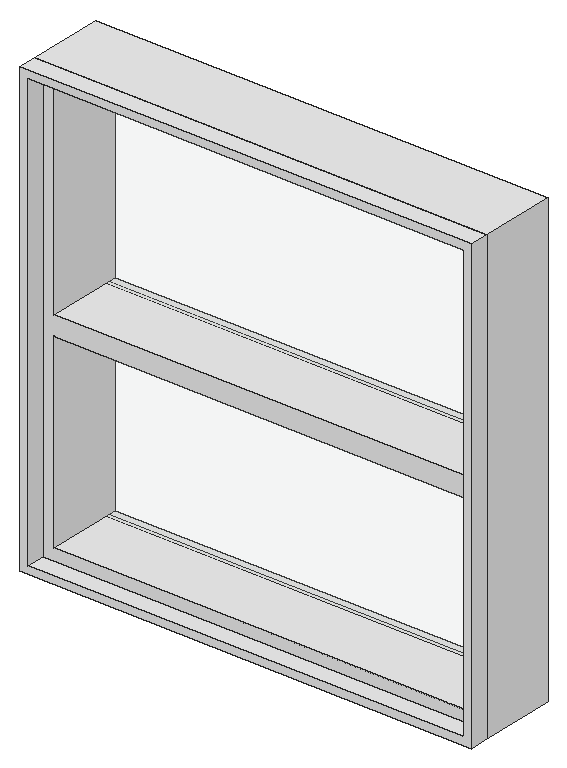
Revit family "Double Horizontal", category Windows, host Wall, Revit 2015
Parameters (values of type "12x12M")
  WindowBasalOpening = ""
  Wall Thickness [instance] = 300 mm
  URL = ""
  Total Glass Area = (Rough Height - Frame Width * 2) * (Rough Width - Frame Width * 2)  # 1.1881 m²
  Offset [instance] = 50 mm
  Module Width = Rough Width / 100 mm  # 12
  Module Height = Rough Height / 100 mm  # 12
  Material Jamb = none
  Jamb Width = 20 mm
  Jamb [instance] = yes
  Height Bottom = 600 mm
  Gap [instance] = 10 mm
  Rough Width = 1190 mm
  Rough Height = 1190 mm
  Model = ""
  Material Glass = none
  Material Frame = none
  Frame Width = 50 mm
  Height [instance] = Rough Height + Gap * 2  # 1210 mm
  Frame Depth = 200 mm
  Field 2 [instance] = Fixed : Fixed
  Field 1 [instance] = Fixed : Fixed
  Default Sill Height = 900 mm
  Wall Closure = By host
  Width [instance] = Rough Width + Gap * 2  # 1210 mm
  Assembly Code = ""
  Analytic Construction = "<None>"
Reference planes
  plane 1 "Center (Front/Back)": y = -20
  plane 2 "Center (Left/Right)": x = -42.398
  plane 3 "Left": x = -647.398
  plane 4 "Right": x = 562.602
  plane 5 "Sill": z = 900
  plane 6 "Head": z = 2110
  plane 7 "Exterior": y = 130
  plane 8 "Interior": y = -170
  plane 9: x = -637.398
  plane 10: x = 552.602
  plane 11: z = 910
  plane 12: z = 2100
  plane 13 "Offset": y = 80
  plane 14 "Offset Jamb": y = -120
  plane 15: x = 502.602
  plane 16: x = -587.398
  plane 17: z = 2050
  plane 18: z = 960
  plane 19: x = -647.398
  plane 20: x = 562.602
  plane 21: z = 900
  plane 22: z = 2110
  plane 23: z = 1510
  plane 24: z = 1460
Forms (mm)
  Extrusion 1, solid, material <- "Material Frame"
    sketch origin (0, 80, 0) x (-1, 0, 0) y (0, 0, 1)
      loop
        line (-552.602, 2100) -> (-552.602, 910) -> (637.398, 910) -> (637.398, 2100) -> (-552.602, 2100)
      loop
        line (-502.602, 960) -> (587.398, 960) -> (587.398, 1460) -> (-502.602, 1460) -> (-502.602, 960)
      loop
        line (-502.602, 2050) -> (-502.602, 1510) -> (587.398, 1510) -> (587.398, 2050) -> (-502.602, 2050)
    from 0 to -200
  Extrusion 2, solid, material <- "Material Jamb", visible <- "Jamb", detail levels medium+fine
    sketch origin (0, -120, 0) x (-1, 0, 0) y (0, 0, 1)
      loop
        line (-552.602, 2100) -> (-552.602, 910) -> (637.398, 910) -> (637.398, 2100) -> (-552.602, 2100)
      loop
        line (617.398, 2080) -> (-532.602, 2080) -> (-532.602, 930) -> (617.398, 930) -> (617.398, 2080)
    from 0 to -50
Lines and regions (mm)
  Opening 1
    outline origin (3500, -170, 0) x (1, 0, 0) y (0, 0, 1)
      loop
        line (-2937.398, 900) -> (-2937.398, 2110) -> (-4147.398, 2110) -> (-4147.398, 900) -> (-2937.398, 900)
Text (mm)
  text "EXTERIOR" at (-1981.535, 863.181, 0), in view "Ref. Level"
  text "INTERIOR" at (-2017.992, -707.606, 0), in view "Ref. Level"
  text "Exterior" at (0, 923.751, 2943.296), in view "Right"
  text "Exterior" at (0, 1019.841, 2788.626), in view "Left"
Dimensions and locks
  equal spacing: plane 3 "Left", plane 2 "Center (Left/Right)", plane 4 "Right"
  "Rough Width": plane 9 to plane 10
  "Rough Height": plane 11 to plane 12
  "Default Sill Height": plane 21 to level
  locked: plane 7 "Exterior" to host wall
  locked: plane 8 "Interior" to host wall
  "Gap": plane 12 to plane 6 "Head"
  "Gap": plane 5 "Sill" to plane 11
  "Gap": plane 10 to plane 4 "Right"
  "Gap": plane 9 to plane 3 "Left"
  "Offset": plane 13 "Offset" to plane 7 "Exterior"
  "Frame Depth": plane 13 "Offset" to plane 14 "Offset Jamb"
  equal spacing: plane 8 "Interior", plane 1 "Center (Front/Back)", plane 7 "Exterior"
  "Frame Width": plane 17 to plane 12
  "Frame Width": plane 16 to plane 9
  "Frame Width": plane 11 to plane 18
  "Frame Width": plane 10 to plane 15
  "Jamb Width": Extrusion 2 sketch curve to Extrusion 2 sketch curve  (x4)
  "Wall Thickness": host wall to host wall
  "Height Bottom": plane 11 to plane 23
  "Frame Width": plane 24 to plane 23
  aligned and locked: plane 10 to Extrusion 1
  aligned and locked: Extrusion 1 to plane 9
  aligned and locked: plane 12 to Extrusion 1
  aligned and locked: Extrusion 1 to plane 11
  aligned and locked: Extrusion 1 to plane 14 "Offset Jamb"
  aligned and locked: plane 8 "Interior" to Extrusion 2
  aligned and locked: Extrusion 1 sketch curve to plane 15  (x2)
  aligned and locked: Extrusion 1 sketch curve to plane 17
  aligned and locked: Extrusion 1 sketch curve to plane 16  (x2)
  aligned and locked: Extrusion 2 sketch curve to plane 9
  aligned and locked: Extrusion 2 sketch curve to plane 12
  aligned and locked: Extrusion 2 sketch curve to plane 10
  aligned and locked: Extrusion 2 sketch curve to plane 11
  aligned and locked: plane 19 to plane 3 "Left"
  aligned and locked: plane 20 to plane 4 "Right"
  aligned and locked: plane 21 to plane 5 "Sill"
  aligned and locked: plane 22 to plane 6 "Head"
  aligned and locked: Extrusion 1 sketch curve to plane 18
  aligned and locked: plane 16 to nested 1
  aligned and locked: nested 2 to plane 15
  aligned and locked: nested 1 to plane 17
  aligned and locked: plane 18 to nested 2
  aligned and locked: Extrusion 1 sketch curve to plane 24
  aligned and locked: Extrusion 1 sketch curve to plane 23
  aligned and locked: nested 1 to plane 23
  aligned and locked: nested 1 to plane 15
  aligned and locked: nested 2 to plane 24
  aligned and locked: plane 16 to nested 2
Automatic sketch dimensions
  Opening 1 sketch curve to plane 3 "Left" = 0 mm
  Opening 1 sketch curve to plane 4 "Right" = 0 mm
  Opening 1 sketch curve to plane 5 "Sill" = 0 mm
  Opening 1 sketch curve to plane 6 "Head" = 0 mm
  Extrusion 1 sketch curve to plane 10 = 0 mm
  Extrusion 1 sketch curve to plane 9 = 0 mm
  Extrusion 1 sketch curve to plane 11 = 0 mm
  Extrusion 1 sketch curve to plane 12 = 0 mm
Nested families
  nested 1: "Fixed" at (-42.398, -20, 710), type <- "Field 2", Offset <- "Offset", Material Glass <- "Material Glass", Material Frame <- "Material Frame", type "Fixed"
    with Width 1090 mm, Offset 50 mm, Material Glass none, Material Frame none, Height 540 mm
  nested 2: "Fixed" at (-42.398, -20, 160), type <- "Field 1", Offset <- "Offset", Material Glass <- "Material Glass", Material Frame <- "Material Frame", type "Fixed"
    with Width 1090 mm, Offset 50 mm, Material Glass none, Material Frame none, Height 500 mm
Definition of nested family "Fixed"
  Parameters (values of type "Fixed")
    Offset [instance] = 20 mm
    Material Glass [instance] = none
    Material Frame [instance] = none
    Height [instance] = 1500 mm
    Default Sill Height = 800 mm
    Wall Closure = (empty or 0)
    Width [instance] = 1000 mm
    Analytic Construction = "<None>"
  Reference planes
    plane 1 "Center (Front/Back)": y = 0
    plane 2 "Center (Left/Right)": x = 0
    plane 3 "Left": x = -500
    plane 4 "Right": x = 500
    plane 5 "Sill": z = 800
    plane 6 "Head": z = 2300
    plane 7 "Exterior": y = 100
    plane 8 "Interior": y = -100
    plane 9 "Offset": y = 80
    plane 10: z = 1550
  Forms (mm)
    Extrusion 1, solid, material <- "Material Glass"
      sketch origin (0, 80, 0) x (-1, 0, 0) y (0, 0, 1)
        loop
          line (-500, 2300) -> (-500, 800) -> (500, 800) -> (500, 2300) -> (-500, 2300)
      from -20 to -30
  Lines and regions (mm)
    symbolic lines, detail levels fine
      curve 1: line (-500, 50, 0) -> (500, 50, 0)
      curve 2: line (500, 60, 0) -> (-500, 60, 0)
      curve 4: line (500, 50, 840) -> (500, 50, 2260)
      curve 5: line (500, 60, 2260) -> (500, 60, 840)
    symbolic lines, detail levels coarse+medium
      curve 3: line (-500, 55, 0) -> (500, 55, 0)
      curve 6: line (500, 55, 2260) -> (500, 55, 840)
  Text (mm)
    text "EXTERIOR" at (-1963.203, 1332.353, 0), in view "Ref. Level"
    text "INTERIOR" at (-1981.466, -818.386, 0), in view "Ref. Level"
    text "Exterior" at (0, 923.751, 2943.296), in view "Right"
    text "Exterior" at (0, 1040.484, 2685.409), in view "Left"
  Dimensions and locks
    equal spacing: plane 3 "Left", plane 2 "Center (Left/Right)", plane 4 "Right"
    "Width": plane 3 "Left" to plane 4 "Right"
    "Height": plane 5 "Sill" to plane 6 "Head"
    "Default Sill Height": plane 5 "Sill" to level
    locked: plane 7 "Exterior" to host wall at 0
    locked: plane 8 "Interior" to host wall
    "Offset": plane 9 "Offset" to plane 7 "Exterior"
    equal spacing: plane 5 "Sill", plane 10, plane 6 "Head"
    equal spacing: Extrusion 1, curve 3, Extrusion 1
    equal spacing: Extrusion 1, curve 6, Extrusion 1
    aligned and locked: Extrusion 1 to curve 1
    aligned and locked: Extrusion 1 to curve 2
    aligned and locked: Extrusion 1 to curve 4
    aligned and locked: Extrusion 1 to curve 5
    aligned and locked: plane 3 "Left" to Extrusion 1
    aligned and locked: plane 5 "Sill" to Extrusion 1
    aligned and locked: Extrusion 1 to plane 4 "Right"
    aligned and locked: Extrusion 1 to plane 6 "Head"
    aligned and locked: plane 3 "Left" to curve 2
    aligned and locked: plane 3 "Left" to curve 3
    aligned and locked: plane 3 "Left" to curve 1
    aligned and locked: plane 4 "Right" to curve 2
    aligned and locked: plane 4 "Right" to curve 3
    aligned and locked: plane 4 "Right" to curve 1
  Automatic sketch dimensions
    curve 6 to plane 5 "Sill" = 40 mm
    curve 5 to curve 6 = 0 mm  (x2)
    curve 6 to curve 4 = 0 mm  (x2)
    plane 6 "Head" to curve 6 = 40 mm
    plane 4 "Right" to Extrusion 1 sketch curve = 0 mm
    Extrusion 1 sketch curve to plane 3 "Left" = 0 mm
    Extrusion 1 sketch curve to plane 5 "Sill" = 0 mm
    plane 6 "Head" to Extrusion 1 sketch curve = 0 mm
